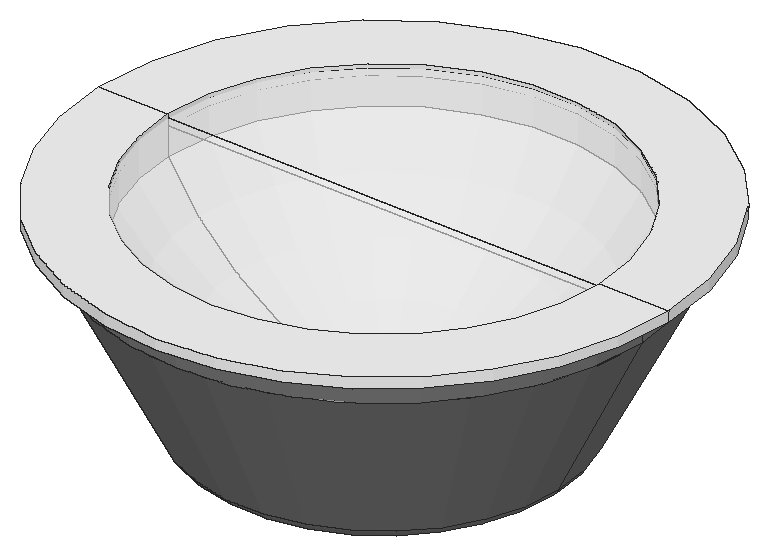
Revit family "30500", category Lighting Fixtures, host Face, Revit 2018
Family settings
  Host = Face
  Round Connector Dimension = Use Diameter
  Part Type = Normal
  OmniClass Number = 23.80.70.00
  OmniClass Title = Lighting
  Cut with Voids When Loaded = No
  Light Source = Yes
  Shared = No
  Room Calculation Point = No
Parameters (values of type "0030500 INSAVER SLIM UGR19 IP44 150 1150LM 830")
  WidthBezel_SYL = if(Size1_SYL, 20 mm, if(Size2_SYL, 20 mm, if(Size3PIR_SYL, 30 mm, if(Size4_SYL, 20 mm, 20 mm))))  # 20 mm
  Weight = "n/a"
  Wattage Comments = ""
  Wattage = 9 W
  WarrantyStartDate [instance] = "n/a"
  WarrantyGuarantorParts = "n/a"
  WarrantyDurationUnit = "n/a"
  WarrantyDurationParts = ""
  WarrantyDescription = "http://www.sylvania-lighting.com"
  built-in parameter 1150110 = 1 (stored number, unit not read)
  Voltage = 230 V
  VisibilityPIR_SYL = Size3PIR_SYL  # no
  URL = "0.9"
  TypeName = "Insaver Slim UGR19 IP44 150 1150lm 830"
  Type Image = <None>
  Type Comments = "n/a"
  built-in parameter 1114217 = 1 (stored number, unit not read)
  Tilt Angle = -90.00°
  built-in parameter 1150109 = 1 (stored number, unit not read)
  built-in parameter 1150134 = (empty or 0)
  built-in parameter 1150113 = 1 (stored number, unit not read)
  Size4_SYL = no
  Size3PIR_SYL = no
  Size2_SYL = no
  Size1_SYL = yes
  SerialNumber [instance] = "n/a"
  RadiusTop_SYL = 6 mm
  RadiusReflector_SYL = if(Size1_SYL, 85 mm, if(Size2_SYL, 85 mm, if(Size3PIR_SYL, 85 mm, if(Size4_SYL, 100 mm, 120 mm))))  # 85 mm
  Photometric Web File = "0030500.IES"
  Material_3_FEILO = Top-Sylvania-STARTDownlight
  PowerFactor = 0.9
  PowerConsumption = "Lighting"
  NominalLength = 165 mm
  NominalHeight = 50 mm
  NominalDepth = 165 mm
  Name = "Insaver Slim UGR19 IP44 150 1150lm 830"
  ModelReference = Name  # "Insaver Slim UGR19 IP44 150 1150lm 830"
  ModelNumber = "0030500"
  Model = Name  # "Insaver Slim UGR19 IP44 150 1150lm 830"
  Material = "Feilo Sylvania"
  ManufacturerName = "121 lm/W"
  Manufacturer = ""
  LuminousEfficacy = ""
  built-in parameter 1150105 = 83.795 (stored number, unit not read)
  Lumens = 1053 lm
  LuminaireType = "0"
  built-in parameter 1150115 = 1 (stored number, unit not read)
  LightOutputRatio = "LED"
  built-in parameter 1150137 = (empty or 0)
  built-in parameter 1150139 = (empty or 0)
  LampsType = Lamp  # "n/a"
  LampNominalLuminous = "3000 K"
  LampMacAdamStep = "80"
  LampColourTemperature = "LED"
  LampColourRenderingIndex = "16500"
  built-in parameter 1150112 = 1 (stored number, unit not read)
  built-in parameter 1150114 = 1 (stored number, unit not read)
  Lamp = "n/a"
  Keynote = "n/a"
  InstallationDate [instance] = "n/a"
  InputVoltage = "0"
  InputNominalFrequency = "3000"
  built-in parameter 1150132 = (empty or 0)
  built-in parameter 1150102 = (empty or 0)
  built-in parameter 1150107 = 3000 (stored number, unit not read)
  built-in parameter 1150138 = (empty or 0)
  IngressProtection = "IfcLightFixtureType"
  ImpactProtectionIndex = "IfcLightFixtureType"
  built-in parameter 1150106 = 0.83795 (stored number, unit not read)
  IfcExportType = "IfcLightFixtureType"
  IfcExportAs = "Class II"
  Height_SYL = if(Size1_SYL, 61 mm, if(Size2_SYL, 61 mm, if(Size3PIR_SYL, 61 mm, if(Size4_SYL, 61 mm, 60 mm))))  # 61 mm
  HeightBezel_SYL = if(Size1_SYL, 3 mm, if(Size2_SYL, 3 mm, if(Size3PIR_SYL, 3 mm, if(Size4_SYL, 3.2 mm, 3 mm))))  # 3 mm
  ExpectedLife = 50000
  Emit from Circle Diameter = Diameter_SYL - 40 mm  # 125 mm
  Emit Shape Visible in Rendering = no
  ElectricShockClassification = "121"
  built-in parameter 1150104 = 10.87 (stored number, unit not read)
  DurationUnit = "hours"
  DocumentationLiterature = "http://www.sylvania-lighting.com/product/en-int/products/0030500"
  DimmingControlOptions = "n/a"
  Material_2_FEILO = Diffuser-Sylvania-STARTDownlight
  Dimming Lamp Color Temperature Shift = <None>
  Diameter_SYL = if(Size1_SYL, 165 mm, if(Size2_SYL, 190 mm, if(Size3PIR_SYL, 211 mm, if(Size4_SYL, 220 mm, 240 mm))))  # 165 mm
  DiameterTop_SYL = if(Size1_SYL, 98 mm, if(Size2_SYL, 122 mm, if(Size3PIR_SYL, 120 mm, if(Size4_SYL, 135 mm, 158 mm))))  # 98 mm
  DiameterTopBase_SYL = DiameterRecess_SYL  # 150 mm
  DiameterRecess_SYL = if(Size1_SYL, 150 mm, if(Size2_SYL, 170 mm, if(Size3PIR_SYL, 186 mm, if(Size4_SYL, 200 mm, 225 mm))))  # 150 mm
  Description = "Insaver Slim is a ceiling recessed LED downlight (IP44 from the front),Die-cast aluminium body, loop in loop out connector for quick installation, Non dimmable LED driver, 9.5W; 1150lm; 121lm/W; 3000K; UGR <19 with shallow product depth 50mm. Meets TP(a) requirements."
  Default Elevation = 1219.2 mm
  CreatedOn = "05/03/2024"
  CreatedBy = "@sylvania-lighting.com"
  Cost = 0
  Color Filter = 16777215
  built-in parameter 1114216 [instance] = (empty or 0)
  ClassificationValue = "EF_70_80"
  ClassificationName = "Uniclass2015"
  Material_1_FEILO = Trim-Sylvania-STARTDownlight-White
  BarCode [instance] = "n/a"
  built-in parameter 1114218 = 1 (stored number, unit not read)
  built-in parameter 1150133 = 10 (stored number, unit not read)
  AssetType = "Fixed"
  AssetIdentifier [instance] = "n/a"
  Assembly Code = "D5020200"
  Apparent Load = 9.5 VA
  Material_4_FEILO = LED-Sylvania-STARTDownlight
Reference planes
  plane 1 "Center (Front/Back)": y = 0
  plane 2: z = 0
  plane 3 "Center (Left/Right)": x = 0
  plane 4: x = 82.5
  plane 5: x = -82.5
  plane 6: z = 3
  plane 7: z = -8
  plane 8: z = -58
  plane 9: x = -75
  plane 10: x = 75
  plane 11: x = -49
  plane 12: x = 49
  plane 13: z = -85
  plane 14: x = -62.5
  plane 15: z = 2
  plane 16: z = -46
  plane 17: x = -16
  plane 18: x = -67.5
  plane 19: x = -81.5
  plane 20: x = -99.5
  plane 21: x = -76.5
  plane 22: z = 5.5
  plane 23: z = 8.7
  plane 24: x = -75.5
  plane 25: z = 13.7
Forms (mm)
  Revolve 1, void
    sketch origin (0, 0, 0) x (1, 0, 0) y (0, 0, 1)
      loop
        line (0, 0) -> (-75, 0) -> (-75, -85) -> (0, -85) -> (0, 0)
      axis (0, 0) -> (0, -85)
    angle from 360 to 0
  Revolve 2, solid, material "Trim-Sylvania-STARTDownlight-White" <- "Material_1_FEILO"
    sketch origin (0, 0, 0) x (1, 0, 0) y (0, 0, 1)
      loop
        line (-62.5, 3) -> (-82.5, 3) -> (-82.5, 0) -> (-75, 0) -> (-75, -8) -> (-50.681, -54.768)
        arc (-50.681, -54.768) -> (-48.471, -57.129) -> (-45.357, -58) r 6
        line (-45.357, -58) -> (0, -58) -> (0, -46) -> (-16, -46)
        arc (-16, -46) -> (-42.718, -31.243) -> (-62.5, -8) r 85
        line (-62.5, -8) -> (-62.5, 3)
      axis (0, 3) -> (0, -58)
    angle from 360 to 0
  Revolve 3, solid, material "Diffuser-Sylvania-STARTDownlight" <- "Material_2_FEILO"
    sketch origin (0, 0, 0) x (1, 0, 0) y (0, 0, 1)
      loop
        line (-62.5, 0) -> (0, 0) -> (0, 2) -> (-62.5, 2) -> (-62.5, 0)
      axis (0, 2) -> (0, 0)
    angle from 360 to 0
  Revolve 4, solid, material "Trim-Sylvania-STARTDownlight-White" <- "Material_1_FEILO", visible <- "VisibilityPIR_SYL"
    sketch origin (0, 0, 0) x (1, 0, 0) y (0, 0, 1)
      loop
        line (-67.5, 3) -> (-67.5, 13.7)
        arc (-67.5, 13.7) -> (-72.217, 12.347) -> (-75.5, 8.7) r 8.9
        line (-75.5, 8.7) -> (-75.5, 5.5) -> (-76.5, 5.5) -> (-76.5, 3) -> (-67.5, 3)
      axis (-67.5, 13.7) -> (-67.5, 3)
    angle from 360 to 0
Dimensions and locks
  equal spacing: plane 4, plane 3 "Center (Left/Right)", plane 5
  "Diameter_SYL": plane 4 to plane 5
  equal spacing: plane 10, plane 3 "Center (Left/Right)", plane 9
  equal spacing: plane 12, plane 3 "Center (Left/Right)", plane 11
  "DiameterTop_SYL": plane 12 to plane 11
  "HeightBezel_SYL": plane 6 to plane 2
  "Height_SYL": plane 6 to plane 8
  locked: plane 2 to plane 7 at 8
  locked: plane 2 to plane 13 at 85
  "WidthBezel_SYL": plane 14 to plane 5
  locked: plane 6 to plane 15 at 1
  "DiameterRecess_SYL": plane 10 to plane 9
  locked: plane 3 "Center (Left/Right)" to plane 17 at 16
  locked: plane 16 to plane 8 at 12
  locked: plane 18 to plane 21 at 9
  locked: plane 22 to plane 6 at 2.5
  locked: plane 23 to plane 22 at 3.2
  locked: plane 18 to plane 24 at 8
  locked: plane 25 to plane 23 at 5
  locked: plane 25 to Revolve 4 sketch curve at 8.9
  locked: plane 18 to plane 5 at 15
  "RadiusReflector_SYL": radius of Revolve 2 sketch curve
  "RadiusTop_SYL": radius of Revolve 2 sketch curve
  aligned and locked: plane 2 to host face
  aligned and locked: level to host face
  aligned and locked: Revolve 1 sketch curve to plane 3 "Center (Left/Right)"
  aligned and locked: plane 3 "Center (Left/Right)" to Revolve 1 sketch curve
  aligned and locked: Revolve 1 sketch curve to plane 9
  aligned and locked: plane 13 to Revolve 1 sketch curve
  aligned and locked: plane 3 "Center (Left/Right)" to imposter light
  aligned and locked: imposter light to plane 15
  aligned and locked: imposter light to plane 1 "Center (Front/Back)"
  aligned and locked: Revolve 2 sketch curve to plane 3 "Center (Left/Right)"
  aligned and locked: Revolve 2 sketch curve to plane 6
  aligned and locked: Revolve 2 sketch curve to plane 5
  aligned and locked: Revolve 2 sketch curve to level
  aligned and locked: plane 7 to Revolve 2 sketch curve  (x2)
  aligned and locked: Revolve 2 sketch curve to plane 9
  aligned and locked: plane 8 to Revolve 2 sketch curve
  aligned and locked: Revolve 2 sketch curve to plane 14
  aligned and locked: plane 3 "Center (Left/Right)" to Revolve 2 sketch curve
  aligned and locked: Revolve 2 sketch curve to plane 16
  aligned and locked: Revolve 3 sketch curve to plane 3 "Center (Left/Right)"
  aligned and locked: Revolve 3 sketch curve to level
  aligned and locked: imposter light to Revolve 3 sketch curve  (x2)
  aligned and locked: Revolve 4 sketch curve to plane 18  (x2)
  aligned and locked: Revolve 4 sketch curve to plane 6
  aligned and locked: plane 22 to Revolve 4 sketch curve
  aligned and locked: plane 24 to Revolve 4 sketch curve
  aligned and locked: Revolve 4 sketch curve to Revolve 4 sketch curve
  aligned and locked: plane 21 to Revolve 4 sketch curve
Automatic sketch dimensions
  host sketch curve to host sketch curve = 2438.4 mm  (x2)
  plane 13 to Revolve 1 sketch curve = 524.6 mm
  Revolve 1 sketch curve to plane 6 = 2606.058 mm
  Revolve 1 sketch curve to level = 0 mm
  Revolve 2 sketch curve to plane 17 = 0 mm
  Revolve 2 sketch curve to plane 11 = 1.681 mm
  plane 11 to Revolve 2 sketch curve = 3.643 mm
  plane 13 to Revolve 2 sketch curve = 524.6 mm
  Revolve 2 sketch curve to Revolve 2 sketch curve = 2577.983 mm
  Revolve 3 sketch curve to plane 14 = 0 mm
  plane 13 to Revolve 3 sketch curve = 524.6 mm
  Revolve 3 sketch curve to plane 6 = 2606.058 mm
  Revolve 4 sketch curve to plane 23 = 0 mm
  plane 13 to Revolve 4 sketch curve = 524.6 mm
  Revolve 4 sketch curve to Revolve 4 sketch curve = 2595.358 mm
Connectors
  electrical at (0, 0, 0), driven by "Apparent Load", driven by "PowerFactor", driven by "Voltage"
    settings: index 1, voltage 230 V, apparent load 9.5 VA, apparent load phase1 0 VA, apparent load phase2 0 VA, apparent load phase3 0 VA, power factor 0.9, load classification "Lighting", number of poles 1, system type 30, power factor state 1, is connector primary yes, connector utility no, sub classification motor no, connector description ""
